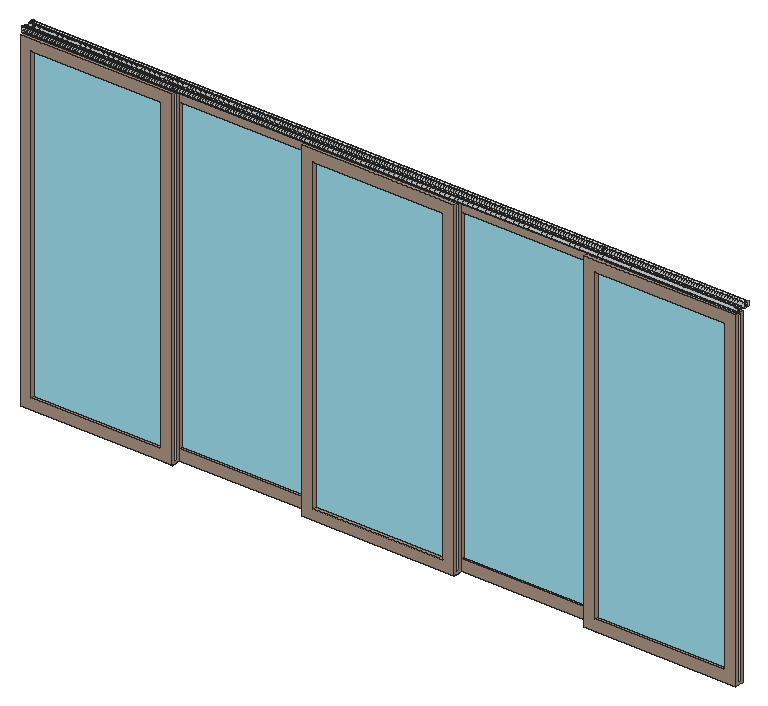
Revit family "5 Panel Slide SB5 XRDLP", category Doors, host Wall, Revit 2016
Family settings
  Host = Wall
  Always vertical = Yes
  Cut with Voids When Loaded = No
  Shared = No
  Room Calculation Point = No
Parameters (values of type "198"x 94 1/8"")
  URL = "www.raydoor.com"
  Type Image = SB5.jpg
  Thickness = 2 1/4"  # constant formula
  Rough Width = 1"  # constant formula
  Rough Height = 1/4"  # constant formula
  Model = "SB5"
  Function = Interior
  Door Material = Door - Panel
  Panel Material = Glass, Cast, Gray
  Height = 94 1/8"
  Trim Projection Ext = 63/64"  # constant formula
  Typ = 3"  # constant formula
  Wall Closure = By host
  Width = 198"
  Assembly Code = "SB5 XRDLP"
  Analytic Construction = "<None>"
Reference planes (in)
  plane 1: y = 0
  plane 2: z = 0
  plane 3: x = 0
  plane 4: x = -99
  plane 5: x = 99
  plane 6: z = 94.125
  plane 7: z = 92.9375
  plane 8: x = 96
  plane 9: x = 97.5
  plane 10: x = 18
  plane 11: x = 19.5
  plane 12: x = 21
  plane 13: x = -97.5
  plane 14: x = -96
  plane 15: y = 0.125
  plane 16: y = -2.375
  plane 17: y = 2.375
  plane 18: y = -0.125
  plane 19: x = -58.5
  plane 20: x = -57
  plane 21: x = -60
  plane 22: x = 58.5
  plane 23: x = 60
  plane 24: x = 57
  plane 25: x = -19.5
  plane 26: x = -18
  plane 27: x = -21
Forms (in)
  Extrusion 1, solid, material "Door - Panel" <- "Door Material"
    sketch origin (-58, 2.62273, 0.25) x (1, 0, 0) y (0, 0, 1)
      loop
        line (76, 92.125) -> (76, 0.125) -> (118, 0.125) -> (118, 92.125) -> (76, 92.125)
      loop
        line (79, 89.125) -> (79, 3.125) -> (115, 3.125) -> (115, 89.125) -> (79, 89.125)
    from 0.24937 to 2.49773
  Extrusion 2, void
    sketch origin (-57.92216, -7.89221, -90.75) x (1, 0, 0) y (0, 0, 1)
      loop
        line (75.92216, 92) -> (75.92216, 91.125) -> (117.92216, 91.125) -> (117.92216, 92) -> (75.92216, 92)
    from -9.26557 to -9.01721
  Extrusion 3, solid, material "Door - Panel" <- "Door Material"
    sketch origin (-99, 0.3721, 0.25) x (1, 0, 0) y (0, 0, 1)
      loop
        line (0, 92.125) -> (0, 0.125) -> (42, 0.125) -> (42, 92.125) -> (0, 92.125)
      loop
        line (3, 89.125) -> (3, 3.125) -> (39, 3.125) -> (39, 89.125) -> (3, 89.125)
    from 0.4971 to 2.7471
  Extrusion 4, solid, material "Glass, Cast, Gray" <- "Panel Material"
    sketch origin (-98.99995, -7.34164, 0.25) x (1, 0, 0) y (0, 0, 1)
      loop
        line (-0.00005, 92.125) -> (-0.00005, 1) -> (41.99995, 1) -> (41.99995, 92.125) -> (-0.00005, 92.125)
    from -6.21664 to -5.96828
  Extrusion 5, void
    sketch origin (-99, -14.51721, -90.75) x (1, 0, 0) y (0, 0, 1)
      loop
        line (0, 92) -> (0, 91.125) -> (42, 91.125) -> (42, 92) -> (0, 92)
    from -13.39221 to -13.14385
  Extrusion 6, solid, material "UHMW, White"
    sketch origin (0, 42.66856, -9.0893) x (0, 1, 0) y (0, 0, 1)
      loop
        line (-40.98125, 103.19868) -> (-41.00944, 103.2143) -> (-41.82807, 103.2143) -> (-41.85625, 103.19868)
        arc (-41.85625, 103.19868) -> (-41.80157, 103.14399) -> (-41.85625, 103.0893) r 0.05469
        line (-41.85625, 103.0893) -> (-41.98125, 103.0893)
        arc (-41.98125, 103.0893) -> (-42.00335, 103.08015) -> (-42.0125, 103.05805) r 0.03125
        line (-42.0125, 103.05805) -> (-42.0125, 102.01916)
        arc (-42.0125, 102.01916) -> (-42.00619, 102.00031) -> (-41.9898, 101.98907) r 0.0313
        line (-41.9898, 101.98907) -> (-41.79375, 101.93305) -> (-41.69219, 101.93305)
        arc (-41.69219, 101.93305) -> (-41.67401, 101.9417) -> (-41.66924, 101.96126) r 0.02344
        arc (-41.66924, 101.96126) -> (-41.67141, 101.97686) -> (-41.68296, 101.98757) r 0.02344
        line (-41.68296, 101.98757) -> (-41.93438, 102.0594) -> (-41.93438, 102.13127) -> (-41.95, 102.19377) -> (-41.95, 102.99555) -> (-41.80157, 103.006) -> (-41.70968, 103.12055) -> (-41.12783, 103.12055) -> (-41.03594, 103.006) -> (-40.8875, 102.99555) -> (-40.8875, 102.19377) -> (-40.90313, 102.13127) -> (-40.90313, 102.0594) -> (-41.15455, 101.98757)
        arc (-41.15455, 101.98757) -> (-41.1661, 101.97686) -> (-41.16826, 101.96126) r 0.02344
        arc (-41.16826, 101.96126) -> (-41.1635, 101.9417) -> (-41.14532, 101.93305) r 0.02344
        line (-41.14532, 101.93305) -> (-41.04375, 101.93305) -> (-40.84771, 101.98907)
        arc (-40.84771, 101.98907) -> (-40.83132, 102.00031) -> (-40.825, 102.01916) r 0.0313
        line (-40.825, 102.01916) -> (-40.825, 103.05805)
        arc (-40.825, 103.05805) -> (-40.83416, 103.08015) -> (-40.85625, 103.0893) r 0.03125
        line (-40.85625, 103.0893) -> (-40.98125, 103.0893)
        arc (-40.98125, 103.0893) -> (-41.03594, 103.14399) -> (-40.98125, 103.19868) r 0.05469
    from -99 to 99
  Extrusion 7, solid, material "UHMW, White"
    sketch origin (-41.44048, 1.65912, 94.125) x (0, -1, 0) y (1, 0, 0)
      loop
        circle (2.90868, 99.94048) r 0.125
    from -1.75 to -0.09375
  Extrusion 8, solid, material "UHMW, White"
    sketch origin (0, 40.4202, -9.0893) x (0, 1, 0) y (0, 0, 1)
      loop
        line (-41.23289, 103.19868) -> (-41.26108, 103.2143) -> (-42.07971, 103.2143) -> (-42.10789, 103.19868)
        arc (-42.10789, 103.19868) -> (-42.05321, 103.14399) -> (-42.10789, 103.0893) r 0.05469
        line (-42.10789, 103.0893) -> (-42.23289, 103.0893)
        arc (-42.23289, 103.0893) -> (-42.25499, 103.08015) -> (-42.26414, 103.05805) r 0.03125
        line (-42.26414, 103.05805) -> (-42.26414, 102.01916)
        arc (-42.26414, 102.01916) -> (-42.25783, 102.00031) -> (-42.24144, 101.98907) r 0.0313
        line (-42.24144, 101.98907) -> (-42.04539, 101.93305) -> (-41.94383, 101.93305)
        arc (-41.94383, 101.93305) -> (-41.92565, 101.9417) -> (-41.92088, 101.96126) r 0.02344
        arc (-41.92088, 101.96126) -> (-41.92305, 101.97686) -> (-41.9346, 101.98757) r 0.02344
        line (-41.9346, 101.98757) -> (-42.18602, 102.0594) -> (-42.18602, 102.13127) -> (-42.20164, 102.19377) -> (-42.20164, 102.99555) -> (-42.05321, 103.006) -> (-41.96132, 103.12055) -> (-41.37947, 103.12055) -> (-41.28758, 103.006) -> (-41.13914, 102.99555) -> (-41.13914, 102.19377) -> (-41.15477, 102.13127) -> (-41.15477, 102.0594) -> (-41.40619, 101.98757)
        arc (-41.40619, 101.98757) -> (-41.41774, 101.97686) -> (-41.4199, 101.96126) r 0.02344
        arc (-41.4199, 101.96126) -> (-41.41514, 101.9417) -> (-41.39696, 101.93305) r 0.02344
        line (-41.39696, 101.93305) -> (-41.29539, 101.93305) -> (-41.09935, 101.98907)
        arc (-41.09935, 101.98907) -> (-41.08296, 102.00031) -> (-41.07664, 102.01916) r 0.0313
        line (-41.07664, 102.01916) -> (-41.07664, 103.05805)
        arc (-41.07664, 103.05805) -> (-41.0858, 103.08015) -> (-41.10789, 103.0893) r 0.03125
        line (-41.10789, 103.0893) -> (-41.23289, 103.0893)
        arc (-41.23289, 103.0893) -> (-41.28758, 103.14399) -> (-41.23289, 103.19868) r 0.05469
    from -99 to 99
  Extrusion 9, solid, material "UHMW, White"
    sketch origin (-92.86615, -11.16274, 94.125) x (0, -1, 0) y (1, 0, 0)
      loop
        circle (-12.41356, 34.36615) r 0.125
    from -1.75 to 0
  Extrusion 10, solid, material "Door - Panel" <- "Door Material"
    sketch origin (-99, 2.87047, 0.25) x (1, 0, 0) y (0, 0, 1)
      loop
        line (39, 92.125) -> (39, 0.125) -> (81, 0.125) -> (81, 92.125) -> (39, 92.125)
      loop
        line (42, 89.125) -> (42, 3.125) -> (78, 3.125) -> (78, 89.125) -> (42, 89.125)
    from 0.4971 to 2.74547
  Extrusion 11, solid, material "Glass, Cast, Gray" <- "Panel Material"
    sketch origin (-98.99995, -4.84328, 0.25) x (1, 0, 0) y (0, 0, 1)
      loop
        line (38.99995, 92.125) -> (38.99995, 1) -> (80.99995, 1) -> (80.99995, 92.125) -> (38.99995, 92.125)
    from -6.21664 to -5.96828
  Extrusion 12, void
    sketch origin (-99, -12.01885, -90.75) x (1, 0, 0) y (0, 0, 1)
      loop
        line (39, 92) -> (39, 91.125) -> (81, 91.125) -> (81, 92) -> (39, 92)
    from -13.39221 to -13.14385
  Extrusion 13, solid, material "Door - Panel" <- "Door Material"
    sketch origin (-67, 2.87047, 0.25) x (1, 0, 0) y (0, 0, 1)
      loop
        line (124, 92.125) -> (124, 0.125) -> (166, 0.125) -> (166, 92.125) -> (124, 92.125)
      loop
        line (127, 89.125) -> (127, 3.125) -> (163, 3.125) -> (163, 89.125) -> (127, 89.125)
    from 2.99547 to 5.24547
  Extrusion 14, solid, material "Glass, Cast, Gray" <- "Panel Material"
    sketch origin (-66.99995, -9.09328, 0.25) x (1, 0, 0) y (0, 0, 1)
      loop
        line (123.99995, 92.125) -> (123.99995, 1) -> (165.99995, 1) -> (165.99995, 92.125) -> (123.99995, 92.125)
    from -7.96664 to -7.71828
  Extrusion 15, void
    sketch origin (-67, -14.01885, -90.75) x (1, 0, 0) y (0, 0, 1)
      loop
        line (124, 92) -> (124, 91.125) -> (166, 91.125) -> (166, 92) -> (124, 92)
    from -12.89221 to -12.64385
  Extrusion 16, solid, material "Glass, Cast, Gray" <- "Panel Material"
    sketch origin (-58.59168, -1.02543, 0.25) x (1, 0, 0) y (0, 0, 1)
      loop
        line (76.59168, 92.125) -> (76.59168, 1.125) -> (118.59168, 1.125) -> (118.59168, 92.125) -> (76.59168, 92.125)
    from -2.39879 to -2.15043
  Extrusion 17, solid, material "Door - Panel" <- "Door Material"
    sketch origin (-15, 0.3721, 0.25) x (1, 0, 0) y (0, 0, 1)
      loop
        line (-6, 92.125) -> (-6, 0.125) -> (36, 0.125) -> (36, 92.125) -> (-6, 92.125)
      loop
        line (-3, 89.125) -> (-3, 3.125) -> (33, 3.125) -> (33, 89.125) -> (-3, 89.125)
    from 0.4971 to 2.7471
  Extrusion 18, solid, material "Glass, Cast, Gray" <- "Panel Material"
    sketch origin (-14.99995, -7.34164, 0.25) x (1, 0, 0) y (0, 0, 1)
      loop
        line (-6.00005, 92.125) -> (-6.00005, 1) -> (35.99995, 1) -> (35.99995, 92.125) -> (-6.00005, 92.125)
    from -6.21664 to -5.96828
  Extrusion 19, void
    sketch origin (-15, -14.51721, -90.75) x (1, 0, 0) y (0, 0, 1)
      loop
        line (-6, 92) -> (-6, 91.125) -> (36, 91.125) -> (36, 92) -> (-6, 92)
    from -13.39221 to -13.14385
  Extrusion 20, solid, material "UHMW, White", detail levels medium+fine
    sketch origin (27.1527, -1.73342, 0.25) x (0, 1, 0) y (0, 0, 1)
      loop
        line (3.66928, -0.25) -> (3.66928, -0.0625) -> (3.10678, -0.0625) -> (3.10678, 0.75) -> (2.91928, 0.75) -> (2.91928, -0.0625) -> (2.35678, -0.0625) -> (2.35678, -0.25) -> (3.66928, -0.25)
      loop
        line (-0.04289, 93.65625) -> (-0.04289, 92.85447) -> (1.00562, 92.85447) -> (1.00562, 93.65625) -> (-0.04289, 93.65625)
    from -84.4027 to -86.9027
  Extrusion 21, solid, material "UHMW, White", detail levels medium+fine
    sketch origin (27.1527, -4.23342, 0.25) x (0, 1, 0) y (0, 0, 1)
      loop
        line (3.67092, -0.25) -> (3.67092, -0.0625) -> (3.10842, -0.0625) -> (3.10842, 0.75) -> (2.92092, 0.75) -> (2.92092, -0.0625) -> (2.35842, -0.0625) -> (2.35842, -0.25) -> (3.67092, -0.25)
    from -84.4027 to -86.9027
  Extrusion 22, solid, material "UHMW, White", detail levels medium+fine
    sketch origin (105.1527, -4.23342, 0.25) x (0, 1, 0) y (0, 0, 1)
      loop
        line (3.67092, -0.25) -> (3.67092, -0.0625) -> (3.10842, -0.0625) -> (3.10842, 0.75) -> (2.92092, 0.75) -> (2.92092, -0.0625) -> (2.35842, -0.0625) -> (2.35842, -0.25) -> (3.67092, -0.25)
    from -84.4027 to -86.9027
  Extrusion 23, solid, material "UHMW, White", detail levels medium+fine
    sketch origin (188.27771, 0.76658, 0.25) x (0, 1, 0) y (0, 0, 1)
      loop
        line (1.16928, -0.25) -> (1.16928, -0.0625) -> (0.60678, -0.0625) -> (0.60678, 0.75) -> (0.41928, 0.75) -> (0.41928, -0.0625) -> (-0.14322, -0.0625) -> (-0.14322, -0.25) -> (1.16928, -0.25)
      loop
        line (-0.04125, 93.65625) -> (-0.04125, 92.85447) -> (1.00726, 92.85447) -> (1.00726, 93.65625) -> (-0.04125, 93.65625)
    from -128.52771 to -131.02771
  Extrusion 24, solid, material "UHMW, White", detail levels medium+fine
    sketch origin (144.1527, -4.23342, 0.25) x (0, 1, 0) y (0, 0, 1)
      loop
        line (3.67092, -0.25) -> (3.67092, -0.0625) -> (3.10842, -0.0625) -> (3.10842, 0.75) -> (2.92092, 0.75) -> (2.92092, -0.0625) -> (2.35842, -0.0625) -> (2.35842, -0.25) -> (3.67092, -0.25)
    from -84.4027 to -86.9027
Cuts and joins
  Extrusion 2 cuts Extrusion 1
  Extrusion 5, Extrusion 12, Extrusion 19 cuts Extrusion 3
  Extrusion 5, Extrusion 12, Extrusion 19 cuts Extrusion 4
  Extrusion 12, Extrusion 15 cuts Extrusion 10
  Extrusion 12, Extrusion 15 cuts Extrusion 11
  Extrusion 15 cuts Extrusion 13
  Extrusion 15 cuts Extrusion 14
  Extrusion 19 cuts Extrusion 17
  Extrusion 19 cuts Extrusion 18
Lines and regions (in)
  Opening 1
    outline origin (-60, -2.99773, 144) x (0, 0, -1) y (1, 0, 0)
      loop
        line (49.875, -39) -> (144, -39) -> (144, 159) -> (49.875, 159) -> (49.875, -39)
  Masking region 1
    outline origin (-7.24693, 27.04592, 0) x (1, 0, 0) y (0, 1, 0)
      loop
        line (-49.75307, -29.42092) -> (-49.75307, -27.17092) -> (-91.75307, -27.17092) -> (-91.75307, -29.42092) -> (-49.75307, -29.42092)
  Masking region 2
    outline origin (-7.24693, 29.28975, 0) x (1, 0, 0) y (0, 1, 0)
      loop
        line (-49.75307, -29.16475) -> (-49.75307, -26.91475) -> (-91.75307, -26.91475) -> (-91.75307, -29.16475) -> (-49.75307, -29.16475)
  Masking region 3
    outline origin (41.75307, 34.80676, 0) x (1, 0, 0) y (0, 1, 0)
      loop
        line (57.24693, -37.18176) -> (57.24693, -34.93176) -> (15.24693, -34.93176) -> (15.24693, -37.18176) -> (57.24693, -37.18176)
  Masking region 4
    outline origin (41.75307, 37.05059, 0) x (1, 0, 0) y (0, 1, 0)
      loop
        line (57.24693, -36.92559) -> (57.24693, -34.67559) -> (15.24693, -34.67559) -> (15.24693, -36.92559) -> (57.24693, -36.92559)
  Masking region 5
    outline origin (48.44629, 21.19233, 0) x (1, 0, 0) y (0, 1, 0)
      loop
        line (-66.44629, -23.56733) -> (-66.44629, -21.31733) -> (-105.44629, -21.31733) -> (-105.44629, -23.56733) -> (-66.44629, -23.56733)
  symbolic lines, style "Elevation Swing"
    curve 1: line (-49.00001, 0, 37.98833) -> (-29.00001, 0, 37.98833)
    curve 2: line (-29.00001, 0, 32.79755) -> (-49.00001, 0, 32.79755)
    curve 3: line (-49.00001, 0, 37.98833) -> (-43.80385, 0, 40.98833)
    curve 4: line (-34.19616, 0, 29.79755) -> (-29.00001, 0, 32.79755)
    curve 14: line (29, 0, 37.98833) -> (49, 0, 37.98833)
    curve 15: line (49, 0, 32.79755) -> (29, 0, 32.79755)
    curve 16: line (29, 0, 37.98833) -> (34.19616, 0, 40.98833)
    curve 17: line (43.80385, 0, 29.79755) -> (49, 0, 32.79755)
  symbolic lines, style "Plan Swing"
    curve 5: line (49, -14.55138, 0) -> (29, -14.55138, 0)
    curve 6: line (29, -14.55138, 0) -> (31.12132, -12.43006, 0)
    curve 7: line (49, -16.07036, 0) -> (28.2102, -16.07036, 0)
    curve 8: line (46.87868, -18.19168, 0) -> (49, -16.07036, 0)
    curve 10: line (-29.00001, -14.55138, 0) -> (-49.00001, -14.55138, 0)
    curve 11: line (-49.00001, -14.55138, 0) -> (-46.87869, -12.43006, 0)
    curve 12: line (-29.00001, -16.07036, 0) -> (-49.78981, -16.07036, 0)
    curve 13: line (-31.12133, -18.19168, 0) -> (-29.00001, -16.07036, 0)
  model lines
    curve 9: line (-99, 3.00227, 0) -> (99, 3.00227, 0)
Dimensions and locks (in)
  equal spacing: plane 4, plane 3, plane 5
  "Width": plane 4 to plane 5
  "Height": plane 6 to plane 2
  locked: plane 6 to plane 7 at 1.1875
  equal spacing: plane 8, plane 9, plane 5, locked at 1.5 each
  "Typ": plane 8 to plane 5
  equal spacing: plane 10, plane 11, plane 12, locked at 1.5 each
  "Typ": plane 10 to plane 12
  equal spacing: plane 13, plane 19, plane 25, plane 11, plane 22, plane 9
  "Typ": Extrusion 1 sketch curve to Extrusion 1 sketch curve  (x2)
  locked: Extrusion 2 to Extrusion 2 at 0.24836
  "Typ": Extrusion 3 sketch curve to Extrusion 3 sketch curve  (x2)
  locked: Extrusion 4 to Extrusion 4 at 0.24836
  locked: Extrusion 3 to Extrusion 4 at 1
  locked: Extrusion 4 sketch curve to Extrusion 3 at 0.875
  locked: Extrusion 5 to Extrusion 5 at 0.24836
  locked: plane 15 to plane 18 at 0.25
  "Typ": plane 4 to plane 14
  "Thickness": plane 17 to plane 15
  "Thickness": plane 18 to plane 16
  equal spacing: plane 4, plane 13, plane 14
  locked: plane 17 to Extrusion 9 sketch curve at 1.24918
  locked: Extrusion 7 sketch curve to plane 16 at 1.00044
  equal spacing: plane 21, plane 19, plane 20, locked at 1.5 each
  "Typ": plane 21 to plane 20
  equal spacing: plane 24, plane 22, plane 23
  "Typ": plane 24 to plane 23
  "Typ": Extrusion 10 sketch curve to Extrusion 10 sketch curve  (x2)
  locked: Extrusion 11 to Extrusion 11 at 0.24836
  locked: Extrusion 10 to Extrusion 11 at 1
  locked: Extrusion 11 sketch curve to Extrusion 10 at 0.875
  locked: Extrusion 12 to Extrusion 12 at 0.24836
  locked: cut or joined group of Extrusion 11, Extrusion 12, Extrusion 15 to plane 15 at 1
  "Typ": Extrusion 13 sketch curve to Extrusion 13 sketch curve  (x2)
  locked: Extrusion 14 to Extrusion 14 at 0.24836
  Extrusion 13 to Extrusion 14 = 1.00164"
  locked: Extrusion 14 sketch curve to Extrusion 13 at 0.875
  locked: Extrusion 15 to Extrusion 15 at 0.24836
  locked: Extrusion 7 sketch curve to plane 23 at 1.375
  equal spacing: plane 27, plane 25, plane 26
  "Typ": plane 27 to plane 26
  locked: Extrusion 16 to Extrusion 16 at 0.24836
  locked: plane 15 to Extrusion 16 at 1
  "Typ": Extrusion 17 sketch curve to Extrusion 17 sketch curve  (x2)
  locked: Extrusion 18 to Extrusion 18 at 0.24836
  locked: Extrusion 17 to Extrusion 18 at 1
  locked: Extrusion 18 sketch curve to Extrusion 17 at 0.875
  locked: Extrusion 19 to Extrusion 19 at 0.24836
  Extrusion 20 sketch curve to Extrusion 20 sketch curve = 3/16"
  locked: Extrusion 20 sketch curve to Extrusion 20 sketch curve at 0.5625  (x2)
  locked: Extrusion 20 sketch curve to Extrusion 20 sketch curve at 0.1875
  locked: Extrusion 20 to Extrusion 20 at 2.5
  "Rough Height": plane 21 to Extrusion 20
  Extrusion 21 sketch curve to Extrusion 21 sketch curve = 3/16"
  locked: Extrusion 21 sketch curve to Extrusion 21 sketch curve at 0.5625  (x2)
  locked: Extrusion 21 sketch curve to Extrusion 21 sketch curve at 0.1875
  locked: Extrusion 21 to Extrusion 21 at 2.5
  "Rough Height": plane 21 to Extrusion 21
  Extrusion 22 sketch curve to Extrusion 22 sketch curve = 3/16"
  locked: Extrusion 22 sketch curve to Extrusion 22 sketch curve at 0.5625  (x2)
  locked: Extrusion 22 sketch curve to Extrusion 22 sketch curve at 0.1875
  locked: Extrusion 22 to Extrusion 22 at 2.5
  "Rough Height": plane 10 to Extrusion 22
  Extrusion 23 sketch curve to Extrusion 23 sketch curve = 3/16"
  locked: Extrusion 23 sketch curve to Extrusion 23 sketch curve at 0.5625  (x2)
  locked: Extrusion 23 sketch curve to Extrusion 23 sketch curve at 0.1875
  locked: Extrusion 23 to Extrusion 23 at 2.5
  "Rough Height": plane 24 to Extrusion 23
  Extrusion 24 sketch curve to Extrusion 24 sketch curve = 3/16"
  locked: Extrusion 24 sketch curve to Extrusion 24 sketch curve at 0.5625  (x2)
  locked: Extrusion 24 sketch curve to Extrusion 24 sketch curve at 0.1875
  locked: Extrusion 24 to Extrusion 24 at 2.5
  "Rough Height": plane 24 to Extrusion 24
  diameter of Extrusion 7 sketch curve = 1/4"
  diameter of Extrusion 9 sketch curve = 1/4"
  aligned and locked: plane 5 to curve 9
  aligned and locked: Opening 1 sketch curve to plane 5
  aligned and locked: Opening 1 sketch curve to plane 4
  aligned and locked: Extrusion 1 to Extrusion 2  (x3)
  aligned and locked: Extrusion 3 to Extrusion 4
  aligned and locked: Extrusion 3 to Extrusion 5  (x3)
  aligned and locked: plane 4 to cut or joined group of Extrusion 3, Extrusion 5, Extrusion 12, Extrusion 19
  aligned and locked: plane 4 to cut or joined group of Extrusion 4, Extrusion 5, Extrusion 12, Extrusion 19
  aligned and locked: cut or joined group of Extrusion 3, Extrusion 5, Extrusion 12, Extrusion 19 to plane 14
  aligned and locked: plane 17 to Masking region 2
  aligned and locked: Masking region 2 to plane 15
  aligned and locked: Extrusion 7 to Extrusion 6
  aligned and locked: plane 4 to Extrusion 8
  aligned and locked: plane 4 to Extrusion 6
  aligned and locked: plane 4 to Masking region 1
  aligned and locked: plane 18 to Masking region 1
  aligned and locked: Masking region 1 to plane 16
  aligned and locked: Extrusion 3 to plane 20
  aligned and locked: cut or joined group of Extrusion 3, Extrusion 5, Extrusion 12, Extrusion 19 to Extrusion 4
  aligned and locked: cut or joined group of Extrusion 3, Extrusion 5, Extrusion 12, Extrusion 19 to plane 16
  aligned and locked: plane 18 to cut or joined group of Extrusion 3, Extrusion 5, Extrusion 12, Extrusion 19
  aligned and locked: plane 10 to cut or joined group of Extrusion 1, Extrusion 2
  aligned and locked: cut or joined group of Extrusion 1, Extrusion 2 to plane 23
  aligned and locked: cut or joined group of Extrusion 1, Extrusion 2 to plane 24
  aligned and locked: Masking region 1 to plane 20
  aligned and locked: cut or joined group of Extrusion 4, Extrusion 5, Extrusion 12, Extrusion 19 to Extrusion 5
  aligned and locked: Extrusion 10 to Extrusion 11
  aligned and locked: Extrusion 10 to Extrusion 12  (x2)
  aligned and locked: Extrusion 10 to Masking region 2
  aligned and locked: Masking region 2 to Extrusion 10
  aligned and locked: cut or joined group of Extrusion 10, Extrusion 12, Extrusion 15 to plane 20
  aligned and locked: cut or joined group of Extrusion 10, Extrusion 12, Extrusion 15 to plane 21
  aligned and locked: cut or joined group of Extrusion 11, Extrusion 12, Extrusion 15 to plane 21
  aligned and locked: Extrusion 3 to plane 21
  aligned and locked: plane 4 to Masking region 2
  aligned and locked: Masking region 2 to plane 20
  aligned and locked: Extrusion 13 to Extrusion 14
  aligned and locked: Extrusion 13 to Extrusion 15  (x3)
  aligned and locked: cut or joined group of Extrusion 13, Extrusion 15 to plane 5
  aligned and locked: cut or joined group of Extrusion 14, Extrusion 15 to plane 5
  aligned and locked: plane 8 to cut or joined group of Extrusion 13, Extrusion 15
  aligned and locked: cut or joined group of Extrusion 13, Extrusion 15 to plane 23
  aligned and locked: cut or joined group of Extrusion 13, Extrusion 15 to plane 24
  aligned and locked: cut or joined group of Extrusion 14, Extrusion 15 to plane 24
  aligned and locked: Masking region 3 to plane 16
  aligned and locked: Masking region 3 to plane 18
  aligned and locked: Masking region 3 to plane 5
  aligned and locked: Masking region 3 to plane 24
  aligned and locked: Masking region 4 to plane 15
  aligned and locked: Masking region 4 to plane 17
  aligned and locked: Masking region 4 to plane 5
  aligned and locked: Masking region 4 to plane 24
  aligned and locked: Extrusion 8 to plane 5
  aligned and locked: Extrusion 6 to plane 5
  aligned and locked: Extrusion 10 to plane 26
  aligned and locked: cut or joined group of Extrusion 10, Extrusion 12, Extrusion 15 to plane 27
  aligned and locked: cut or joined group of Extrusion 10, Extrusion 12, Extrusion 15 to Extrusion 12
  aligned and locked: cut or joined group of Extrusion 11, Extrusion 12, Extrusion 15 to plane 26
  aligned and locked: cut or joined group of Extrusion 1, Extrusion 2 to plane 17
  aligned and locked: cut or joined group of Extrusion 1, Extrusion 2 to plane 15
  aligned and locked: plane 10 to Extrusion 16
  aligned and locked: cut or joined group of Extrusion 13, Extrusion 15 to plane 16
  aligned and locked: cut or joined group of Extrusion 13, Extrusion 15 to plane 18
  aligned and locked: Extrusion 2 to Extrusion 16
  aligned and locked: Extrusion 15 to cut or joined group of Extrusion 14, Extrusion 15
  aligned and locked: Extrusion 17 to Extrusion 18
  aligned and locked: Extrusion 17 to Extrusion 19  (x3)
  aligned and locked: cut or joined group of Extrusion 17, Extrusion 19 to plane 27
  aligned and locked: cut or joined group of Extrusion 18, Extrusion 19 to plane 27
  aligned and locked: cut or joined group of Extrusion 17, Extrusion 19 to plane 26
  aligned and locked: cut or joined group of Extrusion 18, Extrusion 19 to plane 12
  aligned and locked: cut or joined group of Extrusion 17, Extrusion 19 to plane 12
  aligned and locked: plane 10 to cut or joined group of Extrusion 17, Extrusion 19
  aligned and locked: plane 18 to Masking region 5
  aligned and locked: Masking region 5 to plane 16
  aligned and locked: plane 20 to Masking region 5
  aligned and locked: Masking region 5 to plane 26
  aligned and locked: Extrusion 20 sketch curve to Extrusion 20 sketch curve
  aligned and locked: Extrusion 21 sketch curve to Extrusion 21 sketch curve
  aligned and locked: cut or joined group of Extrusion 3, Extrusion 5, Extrusion 12, Extrusion 19 to Extrusion 21
  aligned and locked: Extrusion 22 sketch curve to Extrusion 22 sketch curve
  aligned and locked: cut or joined group of Extrusion 1, Extrusion 2 to Extrusion 16
  aligned and locked: Extrusion 24 sketch curve to Extrusion 24 sketch curve
Automatic sketch dimensions
  curve 16 to plane 12 = 8"
  level to curve 16 = 37.98833"
  curve 3 to plane 20 = 8"
  level to curve 3 = 37.98833"
  curve 17 to plane 24 = 8"
  curve 14 to curve 17 = 5.19077"
  curve 1 to curve 2 = 5.19077"
  curve 2 to plane 27 = 8"
  curve 3 to plane 20 = 13.19615"
  curve 3 to curve 1 = 3"
  curve 16 to plane 12 = 13.19616"
  curve 16 to curve 14 = 3"
  curve 17 to plane 24 = 13.19615"
  curve 15 to curve 17 = 3"
  curve 4 to plane 27 = 13.19616"
  curve 2 to curve 4 = 3"
  curve 1 to curve 2 = 0"  (x2)
  curve 14 to curve 15 = 0"  (x2)
  Opening 1 sketch curve to plane 6 = 0"
  Opening 1 sketch curve to level = 0"
  curve 11 to plane 20 = 8"
  curve 12 to plane 27 = 8"
  curve 6 to plane 12 = 8"
  curve 7 to plane 24 = 8"
  host wall to curve 8 = 13.07263"
  host wall to curve 13 = 13.07263"
  curve 12 to curve 10 = 1.51898"
  curve 7 to curve 5 = 1.51898"
  curve 12 to curve 10 = 0.7898"
  curve 10 to curve 11 = 2.12132"  (x2)
  curve 13 to curve 12 = 2.12132"  (x2)
  curve 10 to curve 12 = 0"
  curve 7 to curve 5 = 0.7898"
  curve 5 to curve 6 = 2.12132"  (x2)
  curve 8 to curve 7 = 2.12132"  (x2)
  curve 5 to curve 7 = 0"
  curve 9 to level = 0"
  plane 4 to curve 9 = 0"
  Masking region 1 sketch curve to plane 4 = 0"
  Masking region 1 sketch curve to plane 18 = 0"
  plane 20 to Masking region 1 sketch curve = 0"
  Masking region 1 sketch curve to plane 16 = 0"
  Masking region 2 sketch curve to plane 4 = 0"
  Masking region 2 sketch curve to plane 17 = 0"
  plane 20 to Masking region 2 sketch curve = 0"
  Masking region 2 sketch curve to plane 15 = 0"
  Extrusion 2 sketch curve to plane 10 = 0"
  plane 23 to Extrusion 2 sketch curve = 0"
  level to Extrusion 2 sketch curve = 3/8"
  Extrusion 2 sketch curve to Extrusion 2 sketch curve = 7/8"
  plane 4 to Extrusion 4 sketch curve = 0"
  plane 20 to Extrusion 4 sketch curve = 0"
  plane 7 to Extrusion 4 sketch curve = 9/16"
  plane 4 to Extrusion 5 sketch curve = 0"
  plane 20 to Extrusion 5 sketch curve = 0"
  level to Extrusion 5 sketch curve = 3/8"
  Extrusion 5 sketch curve to Extrusion 5 sketch curve = 7/8"
  plane 6 to Extrusion 6 sketch curve = 0"
  plane 7 to Extrusion 6 sketch curve = 0.00764"  (x2)
  plane 15 to Extrusion 6 sketch curve = 0.53106"
  plane 7 to Extrusion 6 sketch curve = 0.03774"  (x2)
  Extrusion 6 sketch curve to Extrusion 6 sketch curve = 0.0227"
  Extrusion 6 sketch curve to Extrusion 6 sketch curve = 1/32"  (x3)
  Extrusion 6 sketch curve to plane 7 = 0.10447"
  Extrusion 6 sketch curve to Extrusion 6 sketch curve = 1/64"  (x2)
  Extrusion 6 sketch curve to Extrusion 6 sketch curve = 1/8"
  Extrusion 6 sketch curve to Extrusion 6 sketch curve = 0.02819"  (x2)
  plane 6 to Extrusion 6 sketch curve = 0.20831"  (x2)
  Extrusion 6 sketch curve to Extrusion 6 sketch curve = 7/128"  (x3)
  plane 7 to Extrusion 6 sketch curve = 3/32"  (x2)
  Extrusion 6 sketch curve to Extrusion 6 sketch curve = 9/64"  (x2)
  plane 6 to Extrusion 6 sketch curve = 3/32"
  Extrusion 6 sketch curve to Extrusion 6 sketch curve = 0.09189"  (x2)
  Extrusion 6 sketch curve to Extrusion 6 sketch curve = 13/128"  (x2)
  Extrusion 6 sketch curve to Extrusion 6 sketch curve = 0"  (x2)
  plane 7 to Extrusion 6 sketch curve = 0.03924"  (x2)
  Extrusion 6 sketch curve to Extrusion 6 sketch curve = 0.00923"  (x2)
  Extrusion 6 sketch curve to Extrusion 6 sketch curve = 0.52841"
  Extrusion 6 sketch curve to Extrusion 6 sketch curve = 0.58185"
  Extrusion 6 sketch curve to Extrusion 6 sketch curve = 0.11839"
  Extrusion 6 sketch curve to plane 7 = 0.0326"  (x2)
  Extrusion 6 sketch curve to plane 7 = 0.16697"
  Extrusion 6 sketch curve to Extrusion 6 sketch curve = 0.04683"
  Extrusion 6 sketch curve to Extrusion 6 sketch curve = 0.0086"
  Extrusion 6 sketch curve to Extrusion 6 sketch curve = 3/128"  (x2)
  Extrusion 6 sketch curve to Extrusion 6 sketch curve = 0.00953"  (x2)
  Extrusion 6 sketch curve to Extrusion 6 sketch curve = 1/16"  (x4)
  Extrusion 6 sketch curve to Extrusion 6 sketch curve = 0.01044"  (x2)
  plane 6 to Extrusion 8 sketch curve = 0"
  plane 7 to Extrusion 8 sketch curve = 0.00764"  (x2)
  plane 16 to Extrusion 8 sketch curve = 0.53106"
  plane 7 to Extrusion 8 sketch curve = 0.03774"  (x2)
  Extrusion 8 sketch curve to Extrusion 8 sketch curve = 0.0227"
  Extrusion 8 sketch curve to Extrusion 8 sketch curve = 1/32"  (x3)
  Extrusion 8 sketch curve to plane 7 = 0.10447"
  Extrusion 8 sketch curve to Extrusion 8 sketch curve = 1/64"  (x2)
  Extrusion 8 sketch curve to Extrusion 8 sketch curve = 1/8"
  Extrusion 8 sketch curve to Extrusion 8 sketch curve = 0.02819"  (x2)
  plane 6 to Extrusion 8 sketch curve = 0.20831"  (x2)
  Extrusion 8 sketch curve to Extrusion 8 sketch curve = 7/128"  (x3)
  plane 7 to Extrusion 8 sketch curve = 3/32"  (x2)
  Extrusion 8 sketch curve to Extrusion 8 sketch curve = 9/64"  (x2)
  plane 6 to Extrusion 8 sketch curve = 3/32"
  Extrusion 8 sketch curve to Extrusion 8 sketch curve = 0.09189"  (x2)
  Extrusion 8 sketch curve to Extrusion 8 sketch curve = 13/128"  (x2)
  Extrusion 8 sketch curve to Extrusion 8 sketch curve = 0"  (x2)
  plane 7 to Extrusion 8 sketch curve = 0.03924"  (x2)
  Extrusion 8 sketch curve to Extrusion 8 sketch curve = 0.00923"  (x2)
  Extrusion 8 sketch curve to Extrusion 8 sketch curve = 0.52841"
  Extrusion 8 sketch curve to Extrusion 8 sketch curve = 0.58185"
  Extrusion 8 sketch curve to Extrusion 8 sketch curve = 0.11839"
  Extrusion 8 sketch curve to plane 7 = 0.0326"  (x2)
  Extrusion 8 sketch curve to plane 7 = 0.16697"
  Extrusion 8 sketch curve to Extrusion 8 sketch curve = 0.04683"
  Extrusion 8 sketch curve to Extrusion 8 sketch curve = 0.0086"
  Extrusion 8 sketch curve to Extrusion 8 sketch curve = 3/128"  (x2)
  Extrusion 8 sketch curve to Extrusion 8 sketch curve = 0.00953"  (x2)
  Extrusion 8 sketch curve to Extrusion 8 sketch curve = 1/16"  (x4)
  Extrusion 8 sketch curve to Extrusion 8 sketch curve = 0.01044"  (x2)
  Extrusion 6 to Extrusion 9 sketch curve = 40 1/2"
  plane 21 to Extrusion 11 sketch curve = 0"
  plane 26 to Extrusion 11 sketch curve = 0"
  plane 7 to Extrusion 11 sketch curve = 9/16"
  plane 21 to Extrusion 12 sketch curve = 0"
  plane 26 to Extrusion 12 sketch curve = 0"
  level to Extrusion 12 sketch curve = 3/8"
  Extrusion 12 sketch curve to Extrusion 12 sketch curve = 7/8"
  plane 24 to Extrusion 14 sketch curve = 0"
  plane 5 to Extrusion 14 sketch curve = 0"
  plane 7 to Extrusion 14 sketch curve = 9/16"
  plane 24 to Extrusion 15 sketch curve = 0"
  plane 5 to Extrusion 15 sketch curve = 0"
  level to Extrusion 15 sketch curve = 3/8"
  Extrusion 15 sketch curve to Extrusion 15 sketch curve = 7/8"
  Masking region 3 sketch curve to plane 16 = 0"
  plane 24 to Masking region 3 sketch curve = 0"
  Masking region 3 sketch curve to plane 5 = 0"
  plane 18 to Masking region 3 sketch curve = 0"
  Masking region 4 sketch curve to plane 15 = 0"
  plane 24 to Masking region 4 sketch curve = 0"
  Masking region 4 sketch curve to plane 5 = 0"
  plane 17 to Masking region 4 sketch curve = 0"
  Extrusion 16 sketch curve to plane 10 = 0"
  plane 23 to Extrusion 16 sketch curve = 0"
  level to Extrusion 16 sketch curve = 1 3/8"
  plane 7 to Extrusion 16 sketch curve = 9/16"
  plane 27 to Extrusion 18 sketch curve = 0"
  plane 12 to Extrusion 18 sketch curve = 0"
  plane 7 to Extrusion 18 sketch curve = 9/16"
  plane 27 to Extrusion 19 sketch curve = 0"
  plane 12 to Extrusion 19 sketch curve = 0"
  level to Extrusion 19 sketch curve = 3/8"
  Extrusion 19 sketch curve to Extrusion 19 sketch curve = 7/8"
  Masking region 5 sketch curve to plane 16 = 0"
  plane 20 to Masking region 5 sketch curve = 0"
  Masking region 5 sketch curve to plane 18 = 0"
  plane 26 to Masking region 5 sketch curve = 0"
  Extrusion 20 sketch curve to level = 0"
  Extrusion 20 sketch curve to plane 7 = 0.16697"
  plane 16 to Extrusion 20 sketch curve = 0.59869"
  plane 6 to Extrusion 20 sketch curve = 7/32"
  Extrusion 20 sketch curve to plane 18 = 0.6028"
  plane 15 to Extrusion 20 sketch curve = 0.49836"
  Extrusion 20 sketch curve to Extrusion 20 sketch curve = 13/16"
  Extrusion 21 sketch curve to level = 0"
  plane 16 to Extrusion 21 sketch curve = 1/2"
  Extrusion 21 sketch curve to Extrusion 21 sketch curve = 13/16"
  Extrusion 22 sketch curve to level = 0"
  plane 16 to Extrusion 22 sketch curve = 1/2"
  Extrusion 22 sketch curve to Extrusion 22 sketch curve = 13/16"
  Extrusion 23 sketch curve to level = 0"
  plane 15 to Extrusion 23 sketch curve = 0.49836"
  Extrusion 23 sketch curve to plane 7 = 0.16697"
  plane 15 to Extrusion 23 sketch curve = 0.60033"
  plane 6 to Extrusion 23 sketch curve = 7/32"
  Extrusion 23 sketch curve to plane 17 = 0.60116"
  level to Extrusion 23 sketch curve = 3/16"
  Extrusion 23 sketch curve to Extrusion 23 sketch curve = 13/16"
  Extrusion 24 sketch curve to level = 0"
  plane 16 to Extrusion 24 sketch curve = 1/2"
  Extrusion 24 sketch curve to Extrusion 24 sketch curve = 13/16"
  plane 10 to Extrusion 1 sketch curve = 0"
  Extrusion 1 sketch curve to plane 24 = 0"
  plane 23 to Extrusion 1 sketch curve = 0"
  plane 12 to Extrusion 1 sketch curve = 0"
  level to Extrusion 1 sketch curve = 3/8"
  plane 7 to Extrusion 1 sketch curve = 3 9/16"
  plane 4 to Extrusion 3 sketch curve = 0"
  plane 14 to Extrusion 3 sketch curve = 0"
  Extrusion 3 sketch curve to plane 21 = 0"
  plane 20 to Extrusion 3 sketch curve = 0"
  level to Extrusion 3 sketch curve = 3/8"
  plane 7 to Extrusion 3 sketch curve = 3 9/16"
  Extrusion 10 sketch curve to plane 21 = 0"
  plane 20 to Extrusion 10 sketch curve = 0"
  Extrusion 10 sketch curve to plane 27 = 0"
  plane 26 to Extrusion 10 sketch curve = 0"
  level to Extrusion 10 sketch curve = 3/8"
  plane 7 to Extrusion 10 sketch curve = 3 9/16"
  Extrusion 13 sketch curve to plane 24 = 0"
  plane 23 to Extrusion 13 sketch curve = 0"
  plane 8 to Extrusion 13 sketch curve = 0"
  plane 5 to Extrusion 13 sketch curve = 0"
  level to Extrusion 13 sketch curve = 3/8"
  plane 7 to Extrusion 13 sketch curve = 3 9/16"
  Extrusion 17 sketch curve to plane 27 = 0"
  plane 26 to Extrusion 17 sketch curve = 0"
  plane 10 to Extrusion 17 sketch curve = 0"
  plane 12 to Extrusion 17 sketch curve = 0"
  level to Extrusion 17 sketch curve = 3/8"
  plane 7 to Extrusion 17 sketch curve = 3 9/16"
